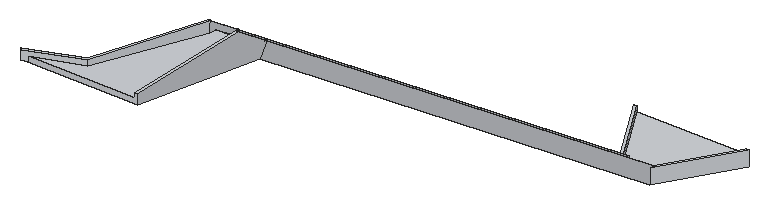
Revit family "Водосброс2Укл", category Обобщенные модели, Revit 2018
Family settings
  Может служить основой для арматурных стержней = Нет
  Размер круглого соединителя = Использовать диаметр
  Тип детали = Нормальный
  На основе рабочей плоскости = Нет
  Всегда вертикально = Да
  При загрузке вырезать с полостями = Нет
  Общий = Нет
  Точка расчета площади = Нет
Parameters
  ТипРаструба [instance] = 0
  ТипОткоснойЧасти [instance] = ОткоснЧасть_1 : ОткоснЧасть_1
  ТипНижнейЧасти [instance] = НижЧасть_1 : НижЧасть_1
  ТипВерхнейЧасти [instance] = ВерхЧасть_1 : ВерхЧасть_1
  Превышение1Низ [instance] = if(Превышение1 < 0 mm, abs(Превышение1), 0 mm)  # 100 mm
  Превышение1Верх [instance] = if(Превышение1 > 0 mm, Превышение1, 0 mm)  # 0 mm
  ОтступЛоткаНаОткосе [instance] = 0 mm
  ЛотокШирина = 600 mm
  УклонОтКПЧ = -0.17
  Уклон2 [instance] = -0.67
  Уклон1 [instance] = -0.04
  Угол2 [instance] = abs(atan(Уклон2))  # 33.8221°
  Превышение2 [instance] = abs(Длина2 * Уклон2)  # 6901 mm
  Превышение1 [instance] = Длина1 * Уклон1  # -100 mm
  НижнЧастьПоложен [instance] = ЗаглублениеЛоткаВОткос / sin(Угол2)  # 89.829 mm
  ЗаглублениеЛоткаВОткос = 50 mm
  Длина2 [instance] = 10300 mm
  Длина1 [instance] = 2500 mm
  ЛотокВысота = 300 mm
  z [instance] = e / cos(phi)  # 672.877 mm
  x1 [instance] = (-b + sqrt(D)) / (2 * a)  # 0.037205
  teta [instance] = 2 * atan(x1)  # 4.26145°
  psi [instance] = 90.00° - gamma  # 82.6426°
  phi [instance] = omega - teta  # 61.5645°
  omega [instance] = 180.00° - delta - psi  # 65.826°
  l2 [instance] = e * tan(phi)  # 591.697 mm
  l1 [instance] = cos(gamma) * d  # 2481.399 mm
  gamma [instance] = eta - beta  # 7.35744°
  eta [instance] = abs(atan(УклонОтКПЧ))  # 9.64805°
  e [instance] = d * sin(gamma)  # 320.403 mm
  delta [instance] = Угол2 - beta  # 31.5315°
  d [instance] = Длина1 / cos(beta)  # 2501.999 mm
  c [instance] = -a  # -20.4755
  beta [instance] = -atan(Уклон1)  # 2.29061°
  b [instance] = 2 * (e - ЗаглублениеЛоткаВОткос * sin(omega)) / 1 mm  # 549.5757
  a [instance] = ЗаглублениеЛоткаВОткос * cos(omega) / 1 mm  # 20.4755
  Y [instance] = L * sin(eta)  # 515.037 mm
  X [instance] = L * cos(eta)  # 3029.63 mm
  L [instance] = l1 + l2  # 3073.096 mm
  D [instance] = b ^ 2 - 4 * a * c  # 303710.4595
Reference planes
  plane 1 "По центру (Вперед/Назад)": y = 0
  plane 2: z = 0
  plane 3 "По центру (Влево/Вправо)": x = 0
  plane 4: y = 2500
  plane 5: y = 12800
  plane 6: z = -100
  plane 7 "Подошва": z = -7001
  plane 8: z = -515.037
  plane 9: y = 3029.63
  plane 10: y = 12710.171
  plane 11: z = 0
Lines and regions (mm)
  reference lines
    curve 1: line (0, 0, 0) -> (0, 2500, -100)
    curve 2: line (0, 2500, -100) -> (0, 12800, -7001)
    curve 5: line (0, 12710.171, -7001) -> (-1000, 12710.171, -7001)
  reference lines, style "Лоток"
    curve 3: line (0, 0, 0) -> (0, 3029.63, -515.037)
    curve 4: line (0, 3029.63, -515.037) -> (0, 12710.171, -7001)
    curve 6: line (0, 3029.63, -515.037) -> (-240, 3029.63, -515.037)
Dimensions and locks
  "Длина1": plane 1 "По центру (Вперед/Назад)" to plane 4
  "Длина2": plane 4 to plane 5
  "Превышение2": plane 6 to plane 7 "Подошва"
  "X": plane 1 "По центру (Вперед/Назад)" to plane 9
  "Y": plane 2 to plane 8
  "НижнЧастьПоложен": plane 10 to plane 5
  "Превышение1Верх": plane 11 to plane 2
  "Превышение1Низ": plane 11 to plane 6
  "ОтступЛоткаНаОткосе": curve 4 to curve 6
  "Угол2": angle curve 4 to plane 8
  aligned and locked: level to plane 2
  aligned and locked: plane 2 to curve 3
  aligned and locked: plane 1 "По центру (Вперед/Назад)" to curve 3
  aligned and locked: plane 8 to curve 3
  aligned and locked: plane 9 to curve 4
  aligned and locked: curve 4 to plane 7 "Подошва"
  aligned and locked: nested 1 to curve 5
  aligned and locked: nested 2 to plane 1 "По центру (Вперед/Назад)"
  aligned and locked: plane 3 "По центру (Влево/Вправо)" to nested 2
  aligned and locked: plane 3 "По центру (Влево/Вправо)" to nested 3
  aligned and locked: plane 10 to nested 3
  aligned and locked: nested 1 to curve 6
Automatic sketch dimensions
  curve 2 to plane 4 = 0 mm
  curve 2 to plane 5 = 0 mm
  plane 7 "Подошва" to curve 2 = 0 mm
  curve 2 to plane 6 = 0 mm
  curve 5 to curve 4 = 0 mm  (x2)
  curve 5 to curve 4 = 1000 mm
  curve 6 to curve 4 = 240 mm
  curve 6 to curve 4 = 0 mm
Nested families
  nested 1: "ОткоснЧасть_1" at (0, 3029.63, -515.037) x (0, 0.8308, -0.5566) z (0, 0.5566, 0.8308), type <- "ТипОткоснойЧасти", type "ОткоснЧасть_1"
    with built-in parameter 1001306 38.23 (stored number, unit not read)
  nested 2: "ВерхЧасть_1" at (0, 0, 0), type <- "ТипВерхнейЧасти", type "ВерхЧасть_1"
    with УклонОтКПЧ -0.17, Угол2 33.8221°, ТипРаструба 0, ПревышениеЛотка 515.037 mm, ОтступЗапас 479.075 mm, ОтступВерхЛотка 166.985 mm, ДлинаЛотка 3029.63 mm, ВысотаЛотка 300 mm, #УширениеПравВнутр 0 mm, #УширениеПрав 0 mm
  nested 3: "НижЧасть_1" at (0, 12710.171, -7001), type <- "ТипНижнейЧасти", type "НижЧасть_1"
Definition of nested family "ОткоснЧасть_1"
  Parameters (values of type "ОткоснЧасть_1")
    ШиринаЛотка = 600 mm
    ТолщинаСтенкиЛотка = 50 mm
    built-in parameter 1001306 [instance] = 1200 mm
    ГлубинаЛотка = 100 mm
    ВысотаЛотка = 300 mm
  Reference planes
    plane 1 "По центру (Вперед/Назад)": y = 0
    plane 2: z = 0
    plane 3 "Слева": x = 0
    plane 4 "Справа": x = 1200
    plane 5: z = 300
    plane 6: y = -300
    plane 7: y = 300
    plane 8: y = 250
    plane 9: z = 200
    plane 10: y = -250
  Forms (mm)
    Extrusion 1, solid
      sketch origin (0, 0, 0) x (0, 1, 0) y (0, 0, 1)
        loop
          line (300, 300) -> (250, 300) -> (250, 200) -> (-250, 200) -> (-250, 300) -> (-300, 300) -> (-300, 0) -> (300, 0) -> (300, 300)
      from 0 to 1200
  Lines and regions (mm)
    reference lines
      curve 1: line (0, 0, 0) -> (1200, 0, 0)
  Dimensions and locks
    "built-in parameter 1001306": plane 3 "Слева" to plane 4 "Справа"
    equal spacing: plane 7, plane 1 "По центру (Вперед/Назад)", plane 6
    "ВысотаЛотка": plane 5 to plane 2
    "ШиринаЛотка": plane 7 to plane 6
    "ТолщинаСтенкиЛотка": plane 7 to plane 8
    "ТолщинаСтенкиЛотка": plane 10 to plane 6
    "ГлубинаЛотка": plane 5 to plane 9
    aligned and locked: plane 4 "Справа" to curve 1
    aligned and locked: plane 1 "По центру (Вперед/Назад)" to curve 1
    aligned and locked: plane 3 "Слева" to curve 1
    aligned and locked: level to plane 2
    aligned and locked: plane 4 "Справа" to Extrusion 1
    aligned and locked: Extrusion 1 to plane 3 "Слева"
    aligned and locked: Extrusion 1 sketch curve to plane 5
    aligned and locked: plane 7 to Extrusion 1 sketch curve
    aligned and locked: Extrusion 1 sketch curve to plane 6
    aligned and locked: plane 9 to Extrusion 1 sketch curve
    aligned and locked: plane 8 to Extrusion 1 sketch curve
    aligned and locked: plane 10 to Extrusion 1 sketch curve
    aligned and locked: plane 5 to Extrusion 1 sketch curve
  Automatic sketch dimensions
    Extrusion 1 sketch curve to level = 0 mm
Definition of nested family "ВерхЧасть_1"
  Parameters (values of type "ВерхЧасть_1")
    ШиринаМонолитногоБетона = 400 mm
    ШиринаЛотка = 600 mm
    УширениеПравВнутр = 710 mm
    УширениеПрав = 1710 mm
    УширениеЛевВнутр = 710 mm
    УширениеЛев = 1710 mm
    УклонОтКПЧ = 0.1
    УклонЛоткаСхематичный = 0.04
    Угол2 = 30.00°
    ТолщинаСтенкиЛотка = 50 mm
    ТипРаструба = 2
    ПревышениеОбочины = abs(ДлинаОбочины * УклонЛоткаСхематичный)  # 100 mm
    ПревышениеЛотка = abs(ДлинаЛотка * УклонОтКПЧ)  # 260 mm
    ОтступСкосаНаПодключенииЛотка = 200 mm
    ОтступЗапас = (ВозвышениеУКПЧ + ПревышениеЛотка) * tan(Угол2)  # 265.581 mm
    ОтступВерхЛотка = ВысотаЛотка * sin(Угол2)  # 175 mm
    ДлинаЛотка = 2600 mm
    ДлинаОбочины = 2500 mm
    ГлубинаЛотка = 100 mm
    ВысотаЛотка = 350 mm
    ВозвышениеУКПЧ = 200 mm
    #УширениеПравВнутр = if(not(ТипРаструба = 0), УширениеПравВнутр, 0 mm)  # 710 mm
    #УширениеПрав = if(not(ТипРаструба = 0), УширениеПрав, 0 mm)  # 1710 mm
    #УширениеЛевВнутр = if(not(ТипРаструба = 1), УширениеЛевВнутр, 0 mm)  # 710 mm
    #УширениеЛев = if(not(ТипРаструба = 1), УширениеЛев, 0 mm)  # 1710 mm
  Reference planes
    plane 1 "По центру (Вперед/Назад)": y = 0
    plane 2: z = 0
    plane 3 "По центру (Влево/Вправо)": x = 0
    plane 4: y = 2600
    plane 5: z = -260
    plane 6: x = -300
    plane 7: x = 300
    plane 8: y = 400
    plane 9: y = 2500
    plane 10: x = -2010
    plane 11: x = 2010
    plane 12: x = -1010
    plane 13: x = 1010
    plane 14: z = 200
    plane 15: z = 100
    plane 16: y = 2775
    plane 17: y = 2865.581
    plane 18: y = 2575
    plane 19: x = -250
    plane 20: x = 250
    plane 21: y = -50
  Forms (mm)
    Extrusion 1, solid
      sketch origin (0, 0, 0) x (1, 0, 0) y (0, 1, 0)
        loop
          line (-2010, 0) -> (2010, 0) -> (1010, 400) -> (300, 2500) -> (300, 2865.581) -> (-300, 2865.581) -> (-300, 2500) -> (-1010, 400) -> (-2010, 0)
      from -260 to 200
    Extrusion 2, void
      sketch origin (0, 0, 0) x (0, 1, 0) y (0, 0, 1)
        loop
          line (-50, 5) -> (-50, -260) -> (2600, -260) -> (-50, 5)
      from -2010 to 2010
    Extrusion 3, void
      sketch origin (0, 0, 0) x (0, 1, 0) y (0, 0, 1)
        loop
          line (2725, -43.494) -> (2600, -260) -> (2865.581, -260) -> (2865.581, 200) -> (0, 200) -> (0, 99.92) -> (2660.957, -6.518) -> (2725, -43.494)
      from -2010 to 2010
    Sweep 4, solid
      path in 3D
        loop
          line (-2010, 0, 0) -> (-1010, 400, 0) -> (-300, 2500, 0) -> (-300, 2865.581, 0)
      profile origin (-1510, 200, 0) x (-0.371391, 0.928477, 0) y (0, 0, 1)
        loop
          line (0, -260) -> (0, 200) -> (-50, 200) -> (-50, -260) -> (0, -260)
    Sweep 5, solid
      path in 3D
        loop
          line (2010, 0, 0) -> (1010, 400, 0) -> (300, 2500, 0) -> (300, 2865.581, 0)
      profile origin (1510, 200, 0) x (-0.371391, -0.928477, 0) y (0, 0, 1)
        loop
          line (0, -260) -> (50, -260) -> (50, 200) -> (0, 200) -> (0, -260)
    Extrusion 6, void
      sketch origin (0, 0, 0) x (0, 1, 0) y (0, 0, 1)
        loop
          line (2600, -260) -> (2865.581, -260) -> (2865.581, 200) -> (2503.257, 200) -> (2775, 43.109) -> (2600, -260)
      from -2010 to 2010
  Cuts and joins
    Extrusion 2, Extrusion 3 cuts Extrusion 1
    Extrusion 2, Extrusion 6 cuts Sweep 4
    Extrusion 2, Extrusion 6 cuts Sweep 5
    joined: Extrusion 1, Sweep 4, Sweep 5
  Lines and regions (mm)
    reference lines
      curve 1: line (0, 0, 0) -> (0, 2600, -260)
      curve 2: line (0, 2600, -260) -> (0, 3310, 969.756)
      curve 3: line (0, 0, 200) -> (0, 2500, 100)
      curve 4: line (0, 2775, 43.109) -> (0, 1770.411, 623.109)
      curve 5: line (-2010, 0, 0) -> (-1010, 400, 0)
      curve 6: line (-1010, 400, 0) -> (-300, 2500, 0)
      curve 7: line (2010, 0, 0) -> (1010, 400, 0)
      curve 8: line (1010, 400, 0) -> (300, 2500, 0)
      curve 9: line (0, 11.143, 99.474) -> (0, 2509.146, -0.446)
      curve 10: line (0, 1733.979, 528.673) -> (0, 2790.53, -81.327)
      curve 11: line (-300, 2500, 0) -> (-300, 2865.581, 0)
      curve 12: line (300, 2500, 0) -> (300, 2865.581, 0)
    sketch lines
      curve 13: line (-2010, 0, 0) -> (-1010, 400, 0)
      curve 14: line (-1010, 400, 0) -> (-300, 2500, 0)
      curve 15: line (-300, 2500, 0) -> (-300, 2865.581, 0)
      curve 16: line (2010, 0, 0) -> (1010, 400, 0)
      curve 17: line (1010, 400, 0) -> (300, 2500, 0)
      curve 18: line (300, 2500, 0) -> (300, 2865.581, 0)
  Dimensions and locks
    "ДлинаЛотка": plane 1 "По центру (Вперед/Назад)" to plane 4
    "ПревышениеЛотка": plane 2 to plane 5
    equal spacing: plane 6, plane 3 "По центру (Влево/Вправо)", plane 7
    "ШиринаЛотка": plane 6 to plane 7
    "ШиринаМонолитногоБетона": plane 1 "По центру (Вперед/Назад)" to plane 8
    "ДлинаОбочины": plane 1 "По центру (Вперед/Назад)" to plane 9
    "#УширениеЛев": plane 10 to plane 6
    "#УширениеПрав": plane 7 to plane 11
    "#УширениеЛевВнутр": plane 12 to plane 6
    "#УширениеПравВнутр": plane 7 to plane 13
    "ВозвышениеУКПЧ": plane 14 to plane 2
    "ПревышениеОбочины": plane 14 to plane 15
    "ОтступВерхЛотка": plane 4 to plane 16
    "ОтступЗапас": plane 4 to plane 17
    "ОтступСкосаНаПодключенииЛотка": plane 18 to plane 16
    "ТолщинаСтенкиЛотка": plane 6 to plane 19
    "ТолщинаСтенкиЛотка": plane 20 to plane 7
    "ГлубинаЛотка": curve 9 to curve 3
    "ГлубинаЛотка": curve 4 to curve 10
    "ТолщинаСтенкиЛотка": Sweep 4 sketch curve to Sweep 4 sketch curve
    "ТолщинаСтенкиЛотка": Sweep 5 sketch curve to Sweep 5 sketch curve
    "ТолщинаСтенкиЛотка": plane 21 to plane 1 "По центру (Вперед/Назад)"
    "Угол2": angle curve 2 to plane 4
    "Угол2": angle curve 4 to plane 5
    aligned and locked: level to plane 2
    aligned and locked: plane 5 to curve 2
    aligned and locked: plane 4 to curve 2
    aligned and locked: plane 14 to Extrusion 1
    aligned and locked: Extrusion 1 to plane 5
    aligned and locked: Extrusion 2 sketch curve to curve 1
    aligned and locked: Extrusion 2 sketch curve to Extrusion 1
    aligned and locked: plane 11 to Extrusion 2
    aligned and locked: Extrusion 2 to plane 10
    aligned and locked: Extrusion 1 sketch curve to plane 17
    aligned and locked: Extrusion 1 sketch curve to plane 7
    aligned and locked: plane 6 to Extrusion 1 sketch curve
    aligned and locked: Extrusion 1 sketch curve to plane 1 "По центру (Вперед/Назад)"
    aligned and locked: Extrusion 3 sketch curve to plane 14
    aligned and locked: Extrusion 3 sketch curve to plane 17
    aligned and locked: Extrusion 3 sketch curve to curve 2
    aligned and locked: Extrusion 3 sketch curve to plane 5
    aligned and locked: plane 11 to Extrusion 3
    aligned and locked: Extrusion 3 to plane 10
    aligned and locked: Extrusion 3 sketch curve to plane 1 "По центру (Вперед/Назад)"
    aligned and locked: Extrusion 3 sketch curve to curve 10
    aligned and locked: Extrusion 3 sketch curve to curve 9
    aligned and locked: Sweep 4 sketch curve to plane 14
    aligned and locked: plane 5 to Sweep 4 sketch curve
    aligned and locked: plane 5 to Sweep 5 sketch curve
    aligned and locked: Sweep 5 sketch curve to plane 14
    aligned and locked: Extrusion 2 sketch curve to plane 21
    aligned and locked: Extrusion 6 sketch curve to plane 5
    aligned and locked: Extrusion 6 sketch curve to plane 17
    aligned and locked: Extrusion 6 sketch curve to plane 14
    aligned and locked: Extrusion 6 sketch curve to curve 4
    aligned and locked: Extrusion 6 sketch curve to curve 2
    aligned and locked: plane 11 to Extrusion 6
    aligned and locked: Extrusion 6 to plane 10
  Automatic sketch dimensions
    Extrusion 1 sketch curve to plane 10 = 0 mm
    Extrusion 1 sketch curve to plane 8 = 0 mm  (x2)
    Extrusion 1 sketch curve to plane 12 = 0 mm
    Extrusion 1 sketch curve to plane 13 = 0 mm
    Extrusion 1 sketch curve to plane 11 = 0 mm
    Extrusion 1 sketch curve to plane 9 = 0 mm  (x2)
    plane 1 "По центру (Вперед/Назад)" to curve 5 = 0 mm
    curve 5 to plane 10 = 0 mm
    curve 6 to plane 8 = 0 mm
    curve 6 to plane 12 = 0 mm
    curve 6 to plane 6 = 0 mm
    curve 8 to plane 7 = 0 mm
    curve 8 to plane 8 = 0 mm
    curve 8 to plane 13 = 0 mm
    plane 1 "По центру (Вперед/Назад)" to curve 7 = 0 mm
    curve 7 to plane 11 = 0 mm
    curve 11 to plane 9 = 0 mm
    curve 12 to plane 9 = 0 mm
    curve 12 to plane 17 = 0 mm
    curve 11 to plane 17 = 0 mm
    curve 3 to plane 1 "По центру (Вперед/Назад)" = 0 mm
    curve 1 to level = 0 mm
    curve 1 to plane 1 "По центру (Вперед/Назад)" = 0 mm
    curve 3 to plane 9 = 0 mm
    curve 4 to plane 16 = 0 mm
    curve 3 to plane 15 = 0 mm
    curve 3 to plane 14 = 0 mm
    curve 3 to curve 9 = 15.152 mm
    curve 3 to curve 9 = 13.153 mm
    curve 10 to curve 4 = 75.667 mm
    curve 10 to curve 4 = 15.667 mm
    Sweep 4 sketch curve to profile plane = 0 mm
    Sweep 5 sketch curve to profile plane = 0 mm
Definition of nested family "НижЧасть_1"
  Parameters (values of type "НижЧасть_1")
    ШиринаНаВыходе = 2280 mm
    ШиринаЛотка = 600 mm
    ТолщинаСтенкиЛотка = 50 mm
    Default Elevation = 1219.2 mm
    Длина = 1400 mm
    ГлубинаЛотка = 100 mm
    ВысотаЛотка = 300 mm
  Reference planes
    plane 1 "По центру (Вперед/Назад)": y = 0
    plane 2: z = 0
    plane 3 "По центру (Влево/Вправо)": x = 0
    plane 4: y = 1400
    plane 5: x = 300
    plane 6: x = -300
    plane 7: x = -1140
    plane 8: x = 1140
    plane 9: z = 300
    plane 10: z = 200
  Forms (mm)
    Extrusion 1, solid
      sketch origin (0, 0, 0) x (1, 0, 0) y (0, 1, 0)
        loop
          line (-1140, 1400) -> (-300, 0) -> (300, 0) -> (1140, 1400) -> (-1140, 1400)
      from 0 to 300
    Extrusion 2, void
      sketch origin (0, 0, 0) x (1, 0, 0) y (0, 1, 0)
        loop
          line (-1081.69, 1400) -> (-241.69, 0) -> (241.69, 0) -> (1081.69, 1400) -> (-1081.69, 1400)
      from 200 to 300
  Cuts and joins
    Extrusion 2 cuts Extrusion 1
  Lines and regions (mm)
    reference lines
      curve 1: line (-1140, 1400, 0) -> (-300, 0, 0)
      curve 2: line (300, 0, 0) -> (1140, 1400, 0)
      curve 3: line (257.125, 25.725, 0) -> (1097.125, 1425.725, 0)
      curve 4: line (-257.125, 25.725, 0) -> (-1097.125, 1425.725, 0)
  Dimensions and locks
    equal spacing: plane 7, plane 3 "По центру (Влево/Вправо)", plane 8
    equal spacing: plane 6, plane 3 "По центру (Влево/Вправо)", plane 5
    "ШиринаЛотка": plane 6 to plane 5
    "ШиринаНаВыходе": plane 7 to plane 8
    "Длина": plane 1 "По центру (Вперед/Назад)" to plane 4
    "ВысотаЛотка": plane 9 to plane 2
    "ГлубинаЛотка": plane 9 to plane 10
    "ТолщинаСтенкиЛотка": curve 2 to curve 3
    "ТолщинаСтенкиЛотка": curve 1 to curve 4
    aligned and locked: level to plane 2
    aligned and locked: Extrusion 1 sketch curve to plane 4
    aligned and locked: Extrusion 1 sketch curve to plane 1 "По центру (Вперед/Назад)"
    aligned and locked: plane 9 to Extrusion 1
    aligned and locked: Extrusion 2 sketch curve to plane 4
    aligned and locked: Extrusion 2 sketch curve to curve 4
    aligned and locked: Extrusion 2 sketch curve to curve 3
    aligned and locked: Extrusion 2 sketch curve to plane 1 "По центру (Вперед/Назад)"
    aligned and locked: plane 9 to Extrusion 2
    aligned and locked: Extrusion 2 to plane 10
  Automatic sketch dimensions
    Extrusion 1 sketch curve to plane 7 = 0 mm
    Extrusion 1 sketch curve to plane 6 = 0 mm
    Extrusion 1 sketch curve to plane 5 = 0 mm
    plane 8 to Extrusion 1 sketch curve = 0 mm
    curve 1 to plane 4 = 0 mm
    curve 1 to plane 7 = 0 mm
    plane 1 "По центру (Вперед/Назад)" to curve 1 = 0 mm
    curve 1 to plane 6 = 0 mm
    plane 1 "По центру (Вперед/Назад)" to curve 2 = 0 mm
    curve 2 to plane 5 = 0 mm
    curve 2 to plane 4 = 0 mm
    curve 2 to plane 8 = 0 mm
    curve 3 to curve 2 = 0 mm  (x2)
    curve 1 to curve 4 = 0 mm  (x2)
